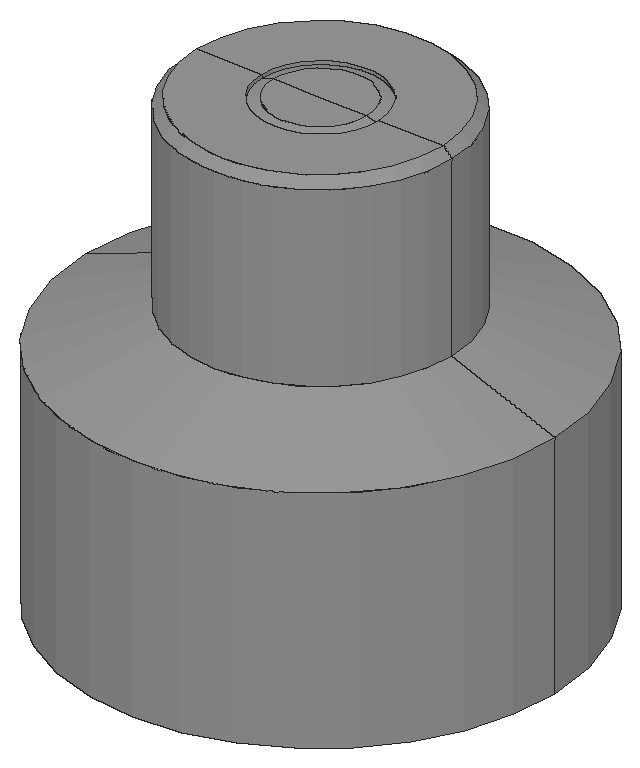
Revit family "4069218 Sylvania Lighting Fixture PATHE GROUND ROUND1 WIDE 59LM LED 3K", category Lighting Fixtures, host Face, Revit 2016
Family settings
  Host = Face
  Part Type = Normal
  Round Connector Dimension = Use Diameter
  OmniClass Number = 23.80.70.00
  OmniClass Title = Lighting
  Cut with Voids When Loaded = No
  Light Source = Yes
  Shared = No
  Room Calculation Point = No
Parameters (values of type "4069218 PATHE/G/R1 WIDE 59LM LED 3K")
  Weight = "0.23 kg"
  Wattage Comments = ""
  Wattage = 1.5 W
  WarrantyStartDate [instance] = "n/a"
  WarrantyGuarantorParts = "n/a"
  WarrantyDurationUnit = "n/a"
  WarrantyDurationParts = "n/a"
  WarrantyDescription = "n/a"
  built-in parameter 1150110 = 1 (stored number, unit not read)
  Voltage = 0 V
  URL = "http://www.sylvania-lighting.com"
  TypeName = "PATHE/GROUND/ROUND1 WIDE 59LM LED 3K"
  Type Image = <None>
  Type Comments = "n/a"
  built-in parameter 1114217 = 1 (stored number, unit not read)
  Tilt Angle = -90.00°
  built-in parameter 1150109 = 1 (stored number, unit not read)
  built-in parameter 1150134 = (empty or 0)
  built-in parameter 1150113 = 1 (stored number, unit not read)
  SerialNumber [instance] = "n/a"
  Radius_SYL = 22.5 mm
  RadiusDiffuser_SYL = 10 mm
  Photometric Web File = "4069218.ies"
  Material_3_SYL = none
  PowerFactor = 0
  PowerConsumption = "1.5 W"
  NominalLength = 45 mm
  NominalHeight = 75 mm
  NominalDepth = 0 mm
  Name = "PATHE/GROUND/ROUND1 WIDE 59LM LED 3K"
  ModelReference = Name  # "PATHE/GROUND/ROUND1 WIDE 59LM LED 3K"
  ModelNumber = "4069218"
  Model = Name  # "PATHE/GROUND/ROUND1 WIDE 59LM LED 3K"
  Material = "corrosion resistant die-cast aluminium housing, anti uv polycarbonate diffuser"
  ManufacturerName = "Feilo Sylvania"
  Manufacturer = "Feilo Sylvania"
  LuminousEfficacy = "39.33 lm/W"
  built-in parameter 1150105 = 4.6951 (stored number, unit not read)
  Lumens = 59 lm
  LuminaireType = ""
  built-in parameter 1150115 = 1 (stored number, unit not read)
  LightOutputRatio = "100"
  built-in parameter 1150137 = (empty or 0)
  built-in parameter 1150139 = (empty or 0)
  LampsType = Lamp  # "LED"
  LampNominalLuminous = "59 lm"
  LampMacAdamStep = "n/a"
  LampColourTemperature = "3000 K"
  LampColourRenderingIndex = "80"
  built-in parameter 1150112 = 1 (stored number, unit not read)
  built-in parameter 1150114 = 1 (stored number, unit not read)
  Lamp = "LED"
  Keynote = "16500"
  InstallationDate [instance] = "n/a"
  InputVoltage = "n/a"
  InputNominalFrequency = "n/a"
  built-in parameter 1150132 = (empty or 0)
  built-in parameter 1150102 = (empty or 0)
  built-in parameter 1150107 = 3000 (stored number, unit not read)
  built-in parameter 1150138 = (empty or 0)
  IngressProtection = "IP68"
  ImpactProtectionIndex = "IK10"
  built-in parameter 1150106 = 0.046951 (stored number, unit not read)
  IfcExportType = "IfcLightFixtureType"
  IfcExportAs = "IfcLightFixtureType"
  HieghtTop_SYL = 2 mm
  ExpectedLife = 50000
  Emit from Circle Diameter = RadiusDiffuser_SYL * 2  # 20 mm
  Emit Shape Visible in Rendering = no
  ElectricShockClassification = "Class III"
  built-in parameter 1150104 = 3.6542 (stored number, unit not read)
  DurationUnit = "hours"
  DocumentationLiterature = "http://www.sylvania-lighting.com/product/en-int/products/4069218"
  DimmingControlOptions = "n/a"
  Material_2_SYL = Polycarbonate, Clear
  Dimming Lamp Color Temperature Shift = <None>
  Description = "Round recessed ground luminaireCorrosion resistant die-cast aluminium, 59lm, 1.5W, 39lm/W, 3000K, CRI80+, 100°, non dimmable, IP68, IK10, (ØxD) Ø45x75mm, 3 step MacAdam ellipse, Class III, 12-24V-DC, A++ A+ A"
  Default Elevation = 1219.2 mm
  CreatedOn = "9/21/2018"
  CreatedBy = "@sylvania-lighting.com"
  Cost = 0
  Color Filter = 16777215
  built-in parameter 1114216 [instance] = (empty or 0)
  ClassificationValue = "EF_70_80"
  ClassificationName = "Uniclass2015"
  Material_1_SYL = Aluminum 6061 T6 80 Hot Formed
  ChamferTop_SYL = 1.5 mm
  ChamferDiffuserTop_SYL = 2 mm
  ChamferDiffuserSide_SYL = 0.5 mm
  BarCode [instance] = "n/a"
  built-in parameter 1114218 = 1 (stored number, unit not read)
  built-in parameter 1150133 = 10 (stored number, unit not read)
  AssetType = "Fixed"
  AssetIdentifier [instance] = "n/a"
  Assembly Code = "D5020200"
  Apparent Load = 1.5 VA
  Material_4_SYL = none
Reference planes
  plane 1 "Center (Front/Back)": y = 0
  plane 2: z = 0
  plane 3 "Center (Left/Right)": x = 0
  plane 4: x = -40
  plane 5: x = -22.5
  plane 6: z = -75
  plane 7: x = -10
  plane 8: z = 2
  plane 9: x = -21
  plane 10: z = -36
  plane 11: z = -29.5
  plane 12: x = -8
  plane 13: z = 1.5
  plane 14: z = -6
  plane 15: z = 0.5
Forms (mm)
  Revolve 1, solid, material "Aluminum 6061 T6 80 Hot Formed" <- "Material_1_SYL"
    sketch origin (0, 0, 0) x (1, 0, 0) y (0, 0, 1)
      loop
        line (0, -75) -> (0, -6) -> (-21, -6) -> (-21, 0) -> (-10, 0) -> (-10, 2) -> (-21, 2) -> (-22.5, 0.5) -> (-22.5, -29.5) -> (-40, -36) -> (-40, -75) -> (0, -75)
      axis (0, 2) -> (0, -75)
    angle from 360 to 0
  Revolve 2, solid, material "Polycarbonate, Clear" <- "Material_2_SYL"
    sketch origin (0, 0, 0) x (1, 0, 0) y (0, 0, 1)
      loop
        line (-10, 1.5) -> (-10, 0) -> (0, 0) -> (0, 2) -> (-8, 2) -> (-10, 1.5)
      axis (0, 2) -> (0, 0)
    angle from 360 to 0
  Revolve 3, void
    sketch origin (0, 0, 0) x (1, 0, 0) y (0, 0, 1)
      loop
        line (0, 0) -> (-22.5, 0) -> (-22.5, -29.5) -> (-40, -36) -> (-40, -75) -> (0, -75) -> (0, 0)
      axis (0, 0) -> (0, -75)
    angle from 360 to 0
Cuts and joins
  Revolve 3 cuts Revolve 2
Dimensions and locks
  locked: plane 2 to plane 6 at 75
  locked: plane 3 "Center (Left/Right)" to plane 4 at 40
  "Radius_SYL": plane 3 "Center (Left/Right)" to plane 5
  "RadiusDiffuser_SYL": plane 3 "Center (Left/Right)" to plane 7
  "ChamferTop_SYL": plane 9 to plane 5
  "ChamferDiffuserSide_SYL": plane 8 to plane 13
  "ChamferDiffuserTop_SYL": plane 12 to plane 7
  locked: plane 2 to plane 14 at 6
  "ChamferTop_SYL": plane 8 to plane 15
  "HieghtTop_SYL": plane 8 to plane 2
  aligned and locked: plane 2 to host face
  aligned and locked: level to host face
  aligned and locked: Revolve 1 sketch curve to plane 3 "Center (Left/Right)"  (x2)
  aligned and locked: plane 3 "Center (Left/Right)" to Revolve 1 sketch curve
  aligned and locked: Revolve 1 sketch curve to plane 6
  aligned and locked: plane 4 to Revolve 1 sketch curve
  aligned and locked: plane 5 to Revolve 1 sketch curve
  aligned and locked: plane 8 to Revolve 1 sketch curve
  aligned and locked: level to Revolve 1 sketch curve
  aligned and locked: plane 9 to Revolve 1 sketch curve  (x2)
  aligned and locked: plane 7 to Revolve 1 sketch curve
  aligned and locked: plane 8 to Revolve 2 sketch curve
  aligned and locked: Revolve 2 sketch curve to plane 3 "Center (Left/Right)"  (x2)
  aligned and locked: Revolve 1 to Revolve 2 sketch curve
  aligned and locked: plane 14 to Revolve 1 sketch curve
  aligned and locked: plane 12 to Revolve 2 sketch curve
  aligned and locked: plane 7 to Revolve 2 sketch curve
  aligned and locked: plane 13 to Revolve 2 sketch curve
  aligned and locked: imposter light to plane 8
  aligned and locked: imposter light to plane 1 "Center (Front/Back)"
  aligned and locked: plane 3 "Center (Left/Right)" to imposter light
  aligned and locked: plane 15 to Revolve 1 sketch curve
  aligned and locked: Revolve 3 sketch curve to plane 3 "Center (Left/Right)"
  aligned and locked: plane 3 "Center (Left/Right)" to Revolve 3 sketch curve  (x2)
  aligned and locked: Revolve 3 sketch curve to Revolve 1  (x3)
  aligned and locked: Revolve 3 sketch curve to plane 5
  aligned and locked: Revolve 1 to Revolve 3 sketch curve
Automatic sketch dimensions
  host sketch curve to host sketch curve = 2438.4 mm  (x2)
  plane 6 to Revolve 2 sketch curve = 534.6 mm
  Revolve 2 sketch curve to Revolve 2 sketch curve = 2607.058 mm
  Revolve 1 sketch curve to plane 10 = 0 mm
  Revolve 1 sketch curve to plane 11 = 0 mm
  plane 6 to Revolve 1 sketch curve = 534.6 mm
  Revolve 1 sketch curve to plane 8 = 2607.058 mm
  Revolve 3 sketch curve to plane 11 = 0 mm
  plane 6 to Revolve 3 sketch curve = 534.6 mm
  Revolve 3 sketch curve to plane 8 = 2607.058 mm
Connectors
  electrical at (0, 0, 0), driven by "Apparent Load", driven by "PowerFactor", driven by "Voltage"
    settings: index 1, voltage 0 V, apparent load 1.5 VA, apparent load phase1 0 VA, apparent load phase2 0 VA, apparent load phase3 0 VA, power factor 0, load classification "Lighting", number of poles 1, system type 30, power factor state 1, is connector primary yes, connector utility no, sub classification motor no, connector description ""
